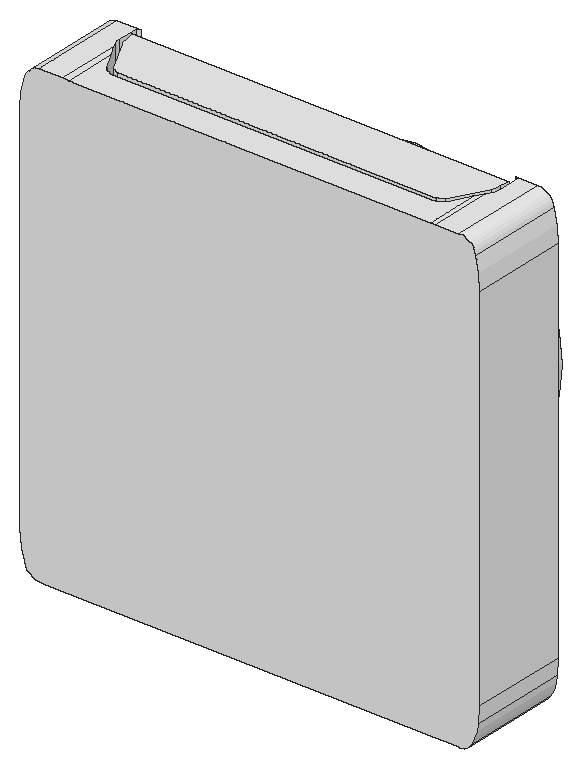
Revit family "Platek_Blend Applique 1 Opening", category Apparecchi per illuminazione, Revit 2017
Family settings
  Quota connettore circolare = Usa diametro
  Tipo di parte = Normale
  Basato su piano di lavoro = No
  Sempre verticale = Sì
  Taglio con vuoti quando caricato = No
  Sorgente d'illuminazione = Sì
  Condiviso = No
  Punto di calcolo locali = No
Parameters (values of type "1610117_10W_LED_3000K")
  Wattage = 4.71247 W
  Part of body = PLK_Part of body
  Variazione temperatura colore lampada con luminosità attenuata = <Nessuno>
  URL = "www.platek.eu"
  built-in parameter 1150107 = 3000 (stored number, unit not read)
  Supply Voltage Min = 220 V
  Supply Voltage Max = 240 V
  Supply Voltage = 230 V
  Rendi la forma visibile nel rendering = no
  Produttore = "PLATEK SRL"  # constant formula
  Product Page URL = "http://www.platek.eu/ita/catalogo.php?catseaname=blend"
  Product Documentation Link = "http://www.platek.eu/ita/catalogo.php?catseaname=blend"
  Product Dimension = "L160mm x L160mm x 71,5mm"
  Power Supply Unit = "Included"
  built-in parameter 1150110 = 1 (stored number, unit not read)
  built-in parameter 1150109 = 1 (stored number, unit not read)
  built-in parameter 1114218 = 1 (stored number, unit not read)
  built-in parameter 1150112 = 1 (stored number, unit not read)
  PLATEK Article Code = "1610117"
  Nota chiave = "Other LED colors available on request"
  Mounting Type = "Wall"
  Modello = "Blend Applique 1Opening"  # constant formula
  built-in parameter 1150137 = (empty or 0)
  built-in parameter 1150132 = 2
  Manufacturer Comment = "1 Opening"
  Luminaire Wattage = 19 W
  Luminaire Luminous Intensity = 1069 cd
  Luminaire Luminous Flux = 700 lm
  Light Source = PLK_Light Source
  Lampada = "LED"
  LED Protection = "Surge protection included"
  built-in parameter 1150105 = 55.704 (stored number, unit not read)
  built-in parameter 1150102 = (empty or 0)
  Insulation Class = "1"
  Immagine tipo = blend_applique_1-2_finestre_1.jpg
  built-in parameter 1150106 = 0.55704 (stored number, unit not read)
  IP Rating = "IP65"
  IK Rating = "IK05"
  Frequency = "50/60 Hz"
  Lumens = 700 lm
  Color Filter = 16777215
  File diagramma fotometrico = "1610117.IES"
  built-in parameter 1114217 = 1 (stored number, unit not read)
  built-in parameter 1150139 = (empty or 0)
  Energy Efficiency Rating = "A/A+/A++"
  Emetti da lunghezza rettangolo = 130.000 mm
  Emetti da larghezza rettangolo = 20.000 mm
  built-in parameter 1150104 = 13.8 (stored number, unit not read)
  built-in parameter 1150115 = 1 (stored number, unit not read)
  built-in parameter 1150114 = 1 (stored number, unit not read)
  built-in parameter 1150113 = 1 (stored number, unit not read)
  Dimmable = "On request"
  Diffuse Type = "PMMA"
  Descrizione = "Outdoor Lighting, Wall mounted"
  Commenti sul tipo = "Facades, Wall"
  Colour Temperature = 3000 K
  built-in parameter 1150134 = (empty or 0)
  built-in parameter 1150138 = (empty or 0)
  Codice assieme = " 1610117.02(White);  1610117.06(Grey);  1610117.01(Black);  1610117.08(Anthracite);  1610117.01(Black);  1610117.07(Corten);  1610117.09(Bronze)"
  Apparent Load = 0 VA
  Cable Lenght = ""
  CRI = ">80"
  Body = PLK_06_Grey
  Tilt Angle = 90.00°
  built-in parameter 1150133 = 10 (stored number, unit not read)
Reference planes
  plane 1 "Centro (Fronte/Retro)": y = 0
  plane 2: z = 0
  plane 3 "Centro (Sinistra/Destra)": x = 0
  plane 4: y = -71.465
  plane 5: y = -37.5
  plane 6: y = -23.609
  plane 7: y = -12
  plane 8: z = 79.96
  plane 9: z = 143.638
  plane 10: z = 159.782
  plane 11: z = 16.144
  plane 12: x = -79.941
  plane 13: x = 79.943
  plane 14: y = -40.485
  plane 15: y = -61.56
  plane 16: y = -51.022
Forms (mm)
  Extrusion 1, solid, material "PLK_06_Grey" <- "Body", detail levels fine
    sketch origin (0, 0, 0) x (1, 0, 0) y (0, 0, 1)
      loop
        line (-62.966, 159.92) -> (-64.982, 159.92) -> (-73.527, 159.92)
        arc (-73.527, 159.92) -> (-76.308, 158.608) -> (-78.083, 156.098) r 6.046
        arc (-78.083, 156.098) -> (-79.473, 150.607) -> (-79.941, 144.962) r 34.309
        line (-79.941, 144.962) -> (-79.941, 14.957)
        arc (-79.941, 14.957) -> (-79.294, 8.651) -> (-77.379, 2.607) r 31.054
        arc (-77.379, 2.607) -> (-74.873, 0.684) -> (-71.788, 0) r 7.299
        line (-71.788, 0) -> (-63.901, 0) -> (-62.966, 0) -> (64.716, 0) -> (71.788, 0)
        arc (71.788, 0) -> (74.706, 0.302) -> (76.976, 2.16) r 5.105
        arc (76.976, 2.16) -> (78.757, 5.732) -> (79.553, 9.644) r 15.291
        line (79.553, 9.644) -> (79.943, 15.227) -> (79.943, 144.366)
        arc (79.943, 144.366) -> (79.569, 149.719) -> (78.453, 154.969) r 38.468
        arc (78.453, 154.969) -> (76.531, 158.509) -> (72.757, 159.92) r 5.752
        line (72.757, 159.92) -> (64.713, 159.92) -> (62.966, 159.92) -> (-62.966, 159.92)
    from 37.5 to 71.465
  Revolve 2, solid, material "PLK_06_Grey" <- "Body", detail levels medium+fine
    sketch origin (0, 0, 0) x (0, 1, 0) y (0, 0, 1)
      loop
        line (0, 131.135) -> (-12, 131.135) -> (-12, 79.96) -> (0, 79.96) -> (0, 131.135)
      axis (-12, 79.96) -> (0, 79.96)
    angle from 0 to 360
  Revolve 3, solid, material "PLK_06_Grey" <- "Body", detail levels medium+fine
    sketch origin (0, 0, 0) x (0, 1, 0) y (0, 0, 1)
      loop
        line (-36.526, 131.595) -> (-13.723, 130.799)
        arc (-13.723, 130.799) -> (-13.467, 130.426) -> (-13.095, 130.17) r 1.239
        line (-13.095, 130.17) -> (-12, 129.404) -> (-12, 79.96) -> (-37.5, 79.96) -> (-37.5, 132.595)
        arc (-37.5, 132.595) -> (-37.264, 131.945) -> (-36.666, 131.6) r 1.01
      axis (-37.5, 79.96) -> (-12, 79.96)
    angle from 0 to 360
  Extrusion 4, void
    sketch origin (0, 0, -40) x (-1, 0, 0) y (0, -1, 0)
      loop
        arc (65.241, 37.5) -> (65.843, 37.662) -> (66.283, 38.102) r 1.203
        line (66.283, 38.102) -> (66.283, 45.405)
        arc (66.283, 45.405) -> (66.093, 46.847) -> (65.537, 48.191) r 5.573
        line (65.537, 48.191) -> (59.215, 59.677)
        arc (59.215, 59.677) -> (57.761, 61.058) -> (55.819, 61.56) r 4.005
        line (55.819, 61.56) -> (-55.816, 61.56)
        arc (-55.816, 61.56) -> (-57.701, 61.21) -> (-59.092, 59.891) r 3.375
        line (-59.092, 59.891) -> (-65.33, 48.55)
        arc (-65.33, 48.55) -> (-66.283, 46.929) -> (-66.412, 45.053) r 4.099
        line (-66.412, 45.053) -> (-66.03, 37.77)
        arc (-66.03, 37.77) -> (-65.673, 37.57) -> (-65.269, 37.5) r 1.209
        line (-65.269, 37.5) -> (65.241, 37.5)
    from 183.638 to 199.92
  Extrusion 5, void
    sketch origin (0, 0, 199.92) x (0, 1, 0) y (-1, 0, 0)
      loop
        arc (-37.5, 65.241) -> (-37.662, 65.843) -> (-38.102, 66.283) r 1.203
        line (-38.102, 66.283) -> (-44.883, 66.283)
        arc (-44.883, 66.283) -> (-46.032, 66.163) -> (-47.132, 65.809) r 5.573
        line (-47.132, 65.809) -> (-59.677, 59.215)
        arc (-59.677, 59.215) -> (-61.058, 57.761) -> (-61.56, 55.819) r 4.005
        line (-61.56, 55.819) -> (-61.56, -55.816)
        arc (-61.56, -55.816) -> (-61.21, -57.701) -> (-59.891, -59.092) r 3.375
        line (-59.891, -59.092) -> (-47.49, -65.33)
        arc (-47.49, -65.33) -> (-46.113, -66.173) -> (-44.516, -66.412) r 4.05
        line (-44.516, -66.412) -> (-37.77, -66.03)
        arc (-37.77, -66.03) -> (-37.57, -65.673) -> (-37.5, -65.269) r 1.209
        line (-37.5, -65.269) -> (-37.5, 65.241)
    from -199.92 to -183.776
  Extrusion 6, solid, material "PLK_06_Grey" <- "Body", detail levels fine
    sketch origin (0, 0, -40) x (-1, 0, 0) y (0, -1, 0)
      loop
        arc (65.864, 40.485) -> (65.244, 42.102) -> (65.033, 43.82) r 7.11
        arc (65.033, 43.82) -> (64.797, 45.347) -> (64.112, 46.731) r 5.058
        line (64.112, 46.731) -> (57.696, 58.38)
        arc (57.696, 58.38) -> (56.751, 59.276) -> (55.49, 59.603) r 2.602
        line (55.49, 59.603) -> (-55.207, 59.603)
        arc (-55.207, 59.603) -> (-56.666, 59.41) -> (-57.751, 58.416) r 2.447
        line (-57.751, 58.416) -> (-64.141, 46.811)
        arc (-64.141, 46.811) -> (-64.719, 45.366) -> (-64.623, 43.812) r 3.543
        line (-64.623, 43.812) -> (-65.269, 40.485) -> (65.864, 40.485)
    from 183.638 to 199.782
  Extrusion 7, solid, material "PLK_Light Source" <- "Light Source", detail levels fine
    sketch origin (0, 0, 199.92) x (0, 1, 0) y (-1, 0, 0)
      loop
        arc (-40.485, 66.191) -> (-42.102, 65.571) -> (-43.82, 65.36) r 7.11
        arc (-43.82, 65.36) -> (-45.654, 65.038) -> (-47.268, 64.112) r 5.385
        line (-47.268, 64.112) -> (-58.38, 57.696)
        arc (-58.38, 57.696) -> (-59.276, 56.751) -> (-59.603, 55.49) r 2.602
        line (-59.603, 55.49) -> (-59.603, -55.207)
        arc (-59.603, -55.207) -> (-59.41, -56.666) -> (-58.416, -57.751) r 2.447
        line (-58.416, -57.751) -> (-47.348, -64.141)
        arc (-47.348, -64.141) -> (-46.136, -64.515) -> (-44.872, -64.623) r 5.942
        line (-44.872, -64.623) -> (-40.485, -65.269) -> (-40.485, 66.191)
    from -199.92 to -183.776
  Extrusion 8, solid, material "PLK_06_Grey" <- "Body", detail levels medium
    sketch origin (0, 0, 0) x (1, 0, 0) y (0, 0, 1)
      loop
        line (-79.941, 159.782) -> (-79.941, 0) -> (79.816, 0) -> (79.816, 159.782) -> (-79.941, 159.782)
    from 37.5 to 71.465
  Extrusion 9, solid, material "PLK_06_Grey" <- "Body", detail levels coarse
    sketch origin (0, 0, 0) x (1, 0, 0) y (0, 0, 1)
      loop
        line (-79.941, 159.782) -> (-79.941, 0) -> (79.943, 0) -> (79.943, 159.782) -> (-79.941, 159.782)
    from 0 to 71.465
Cuts and joins
  Extrusion 4, Extrusion 5 cuts Extrusion 1
Dimensions and locks
  plane 12 to imposter light to plane 13 = 79.941 mm locked, 79.943 mm locked
  equal spacing: plane 14, plane 16, plane 15, locked at 10.537 each
  plane 4 to plane 15 to imposter light to plane 14 to plane 5 to plane 6 to plane 7 to plane 1 "Centro (Fronte/Retro)" = 9.905 mm locked, 10.537 mm locked, 10.537 mm locked, 2.985 mm locked, 13.891 mm locked, 11.609 mm locked, 12.000 mm locked
  aligned and locked: level to plane 2
  aligned and locked: plane 5 to Extrusion 1
  aligned and locked: Extrusion 1 to plane 4
  aligned and locked: cut or joined group of Extrusion 1, Extrusion 4, Extrusion 5 to plane 9
  aligned and locked: plane 11 to cut or joined group of Extrusion 1, Extrusion 4, Extrusion 5
  aligned and locked: plane 10 to Extrusion 6
  aligned and locked: Extrusion 6 to plane 9
  aligned and locked: plane 11 to Extrusion 7
  aligned and locked: Extrusion 7 to plane 2
  aligned and locked: plane 1 "Centro (Fronte/Retro)" to Revolve 2
  aligned and locked: Revolve 2 to plane 7
  aligned and locked: plane 5 to Extrusion 8
  aligned and locked: Extrusion 8 to plane 4
  aligned and locked: imposter light to plane 16
  aligned and locked: Revolve 3 to plane 7
  aligned and locked: Extrusion 8 to level
  aligned and locked: Extrusion 8 to cut or joined group of Extrusion 1, Extrusion 4, Extrusion 5
  aligned and locked: Extrusion 9 sketch curve to Extrusion 8  (x2)
  aligned and locked: plane 2 to Extrusion 9 sketch curve
  aligned and locked: plane 13 to Extrusion 9 sketch curve
  aligned and locked: Extrusion 9 to plane 1 "Centro (Fronte/Retro)"
  aligned and locked: Extrusion 9 to plane 4
  aligned and locked: Extrusion 4 to Extrusion 1
  aligned and locked: Extrusion 5 to level
Automatic sketch dimensions
  plane 12 to Extrusion 1 sketch curve = 0.000 mm
  Extrusion 1 sketch curve to level = 0.000 mm
  plane 13 to Extrusion 1 sketch curve = 0.000 mm
  plane 10 to Extrusion 1 sketch curve = 0.139 mm
  Extrusion 1 sketch curve to plane 12 = 6.413 mm
  Extrusion 1 sketch curve to Extrusion 1 sketch curve = 1.106 mm
  Extrusion 1 sketch curve to plane 12 = 8.153 mm
  Extrusion 1 sketch curve to Extrusion 1 sketch curve = 8.545 mm
  Extrusion 1 sketch curve to Extrusion 1 sketch curve = 7.887 mm
  Extrusion 1 sketch curve to Extrusion 1 sketch curve = 0.935 mm
  Extrusion 1 sketch curve to Extrusion 1 sketch curve = 2.017 mm
  Extrusion 1 sketch curve to plane 11 = 1.187 mm
  Extrusion 1 sketch curve to Extrusion 1 sketch curve = 14.079 mm
  plane 9 to Extrusion 1 sketch curve = 1.324 mm
  Extrusion 1 sketch curve to Extrusion 1 sketch curve = 17.333 mm
  plane 9 to Extrusion 1 sketch curve = 0.728 mm
  Extrusion 1 sketch curve to Extrusion 1 sketch curve = 38.468 mm
  plane 13 to Extrusion 1 sketch curve = 16.978 mm
  Extrusion 1 sketch curve to plane 11 = 5.434 mm
  plane 13 to Extrusion 1 sketch curve = 15.644 mm
  Extrusion 1 sketch curve to Extrusion 1 sketch curve = 1.747 mm
  Extrusion 1 sketch curve to Extrusion 1 sketch curve = 0.417 mm
  Extrusion 1 sketch curve to Extrusion 1 sketch curve = 7.072 mm
  Extrusion 1 sketch curve to Extrusion 1 sketch curve = 0.956 mm
  Extrusion 1 sketch curve to plane 10 = 5.613 mm
  Extrusion 1 sketch curve to Extrusion 1 sketch curve = 8.044 mm
  plane 13 to Extrusion 1 sketch curve = 0.390 mm
  level to Extrusion 1 sketch curve = 5.014 mm
  Extrusion 1 sketch curve to Extrusion 1 sketch curve = 7.299 mm
  Extrusion 1 sketch curve to plane 11 = 6.500 mm
  Extrusion 1 sketch curve to plane 11 = 0.917 mm
  Extrusion 1 sketch curve to Extrusion 1 sketch curve = 5.944 mm
  Revolve 2 sketch curve to plane 8 = 0.000 mm  (x2)
  Revolve 2 sketch curve to plane 7 = 0.000 mm
  Revolve 2 sketch curve to plane 1 "Centro (Fronte/Retro)" = 0.000 mm
  Revolve 2 sketch curve to plane 9 = 12.503 mm
  plane 15 to Revolve 2 sketch curve = 4.720 mm
  Revolve 2 sketch curve to plane 1 "Centro (Fronte/Retro)" = 21.114 mm
  Revolve 3 sketch curve to plane 8 = 0.000 mm  (x2)
  Revolve 3 sketch curve to plane 5 = 0.000 mm
  plane 7 to Revolve 3 sketch curve = 0.000 mm
  plane 5 to Revolve 3 sketch curve = 1.010 mm
  Revolve 3 sketch curve to plane 7 = 1.723 mm
  Revolve 3 sketch curve to Revolve 3 sketch curve = 0.629 mm  (x2)
  Revolve 3 sketch curve to plane 7 = 0.591 mm
  Revolve 3 sketch curve to plane 9 = 14.234 mm
  Revolve 3 sketch curve to Revolve 3 sketch curve = 0.767 mm
  Revolve 3 sketch curve to plane 9 = 11.043 mm
  Revolve 3 sketch curve to plane 4 = 15.000 mm
  plane 5 to Revolve 3 sketch curve = 0.835 mm
  Revolve 3 sketch curve to Revolve 3 sketch curve = 0.139 mm
  Revolve 3 sketch curve to plane 1 "Centro (Fronte/Retro)" = 21.459 mm
  Revolve 3 sketch curve to Revolve 3 sketch curve = 0.005 mm
  Extrusion 4 sketch curve to plane 5 = 0.000 mm
  Extrusion 4 sketch curve to plane 15 = 0.000 mm
  Extrusion 4 sketch curve to plane 14 = 4.568 mm
  plane 13 to Extrusion 4 sketch curve = 13.531 mm
  Extrusion 4 sketch curve to plane 5 = 0.270 mm
  Extrusion 4 sketch curve to Extrusion 4 sketch curve = 0.382 mm
  plane 16 to Extrusion 4 sketch curve = 2.473 mm
  Extrusion 4 sketch curve to Extrusion 4 sketch curve = 1.083 mm
  Extrusion 4 sketch curve to Extrusion 4 sketch curve = 0.761 mm
  Extrusion 4 sketch curve to Extrusion 4 sketch curve = 4.045 mm
  plane 15 to Extrusion 4 sketch curve = 1.669 mm
  Extrusion 4 sketch curve to Extrusion 4 sketch curve = 6.237 mm
  Extrusion 4 sketch curve to Extrusion 4 sketch curve = 2.923 mm
  Extrusion 4 sketch curve to Extrusion 4 sketch curve = 0.353 mm
  Extrusion 4 sketch curve to plane 12 = 24.122 mm
  plane 15 to Extrusion 4 sketch curve = 1.883 mm
  Extrusion 4 sketch curve to Extrusion 4 sketch curve = 3.396 mm
  Extrusion 4 sketch curve to Extrusion 4 sketch curve = 4.891 mm
  Extrusion 4 sketch curve to plane 5 = 1.203 mm
  Extrusion 4 sketch curve to Extrusion 4 sketch curve = 4.531 mm
  plane 16 to Extrusion 4 sketch curve = 2.831 mm
  Extrusion 4 sketch curve to Extrusion 4 sketch curve = 4.826 mm
  Extrusion 4 sketch curve to plane 5 = 0.602 mm
  Extrusion 5 sketch curve to plane 15 = 0.000 mm
  Extrusion 5 sketch curve to plane 5 = 0.000 mm
  plane 15 to Extrusion 5 sketch curve = 1.669 mm
  plane 15 to Extrusion 5 sketch curve = 1.883 mm
  plane 15 to Extrusion 5 sketch curve = 3.357 mm
  plane 15 to Extrusion 5 sketch curve = 4.005 mm
  plane 16 to Extrusion 5 sketch curve = 3.532 mm
  plane 16 to Extrusion 5 sketch curve = 3.891 mm
  Extrusion 5 sketch curve to Extrusion 5 sketch curve = 2.762 mm
  Extrusion 5 sketch curve to Extrusion 5 sketch curve = 2.974 mm
  Extrusion 5 sketch curve to plane 14 = 4.397 mm
  Extrusion 5 sketch curve to Extrusion 5 sketch curve = 1.209 mm
  Extrusion 5 sketch curve to Extrusion 5 sketch curve = 1.203 mm
  Extrusion 5 sketch curve to plane 5 = 0.602 mm
  Extrusion 5 sketch curve to plane 5 = 0.270 mm
  plane 13 to Extrusion 5 sketch curve = 13.531 mm
  Extrusion 5 sketch curve to Extrusion 5 sketch curve = 0.382 mm
  Extrusion 5 sketch curve to Extrusion 5 sketch curve = 1.083 mm
  Extrusion 5 sketch curve to Extrusion 5 sketch curve = 6.237 mm
  Extrusion 5 sketch curve to Extrusion 5 sketch curve = 2.923 mm
  Extrusion 5 sketch curve to plane 12 = 24.122 mm
  Extrusion 5 sketch curve to Extrusion 5 sketch curve = 4.891 mm
  Extrusion 5 sketch curve to Extrusion 5 sketch curve = 4.531 mm
  Extrusion 6 sketch curve to plane 14 = 0.000 mm
  plane 13 to Extrusion 6 sketch curve = 14.674 mm
  Extrusion 6 sketch curve to plane 14 = 3.327 mm
  Extrusion 6 sketch curve to Extrusion 6 sketch curve = 0.647 mm
  plane 16 to Extrusion 6 sketch curve = 4.212 mm
  Extrusion 6 sketch curve to Extrusion 6 sketch curve = 0.481 mm
  Extrusion 6 sketch curve to plane 14 = 4.319 mm
  plane 15 to Extrusion 6 sketch curve = 3.144 mm
  Extrusion 6 sketch curve to Extrusion 6 sketch curve = 6.390 mm
  Extrusion 6 sketch curve to Extrusion 6 sketch curve = 2.119 mm
  Extrusion 6 sketch curve to Extrusion 6 sketch curve = 0.425 mm
  plane 15 to Extrusion 6 sketch curve = 1.957 mm
  Extrusion 6 sketch curve to plane 12 = 24.451 mm
  plane 15 to Extrusion 6 sketch curve = 3.180 mm
  Extrusion 6 sketch curve to Extrusion 6 sketch curve = 2.206 mm
  Extrusion 6 sketch curve to plane 14 = 3.335 mm
  Extrusion 6 sketch curve to Extrusion 6 sketch curve = 4.484 mm
  plane 16 to Extrusion 6 sketch curve = 4.291 mm
  Extrusion 6 sketch curve to Extrusion 6 sketch curve = 4.137 mm
  Extrusion 6 sketch curve to Extrusion 6 sketch curve = 0.831 mm
  Extrusion 6 sketch curve to Extrusion 6 sketch curve = 6.280 mm
  Extrusion 7 sketch curve to plane 14 = 0.000 mm
  Extrusion 7 sketch curve to plane 14 = 3.335 mm
  Extrusion 7 sketch curve to plane 14 = 4.387 mm
  Extrusion 7 sketch curve to plane 14 = 4.517 mm
  Extrusion 7 sketch curve to Extrusion 7 sketch curve = 3.448 mm
  Extrusion 7 sketch curve to Extrusion 7 sketch curve = 2.476 mm
  plane 15 to Extrusion 7 sketch curve = 4.559 mm
  plane 15 to Extrusion 7 sketch curve = 4.367 mm
  Extrusion 7 sketch curve to Extrusion 7 sketch curve = 1.379 mm
  Extrusion 7 sketch curve to Extrusion 7 sketch curve = 1.224 mm
  plane 15 to Extrusion 7 sketch curve = 1.957 mm
  plane 13 to Extrusion 7 sketch curve = 14.674 mm
  Extrusion 7 sketch curve to Extrusion 7 sketch curve = 0.647 mm
  Extrusion 7 sketch curve to Extrusion 7 sketch curve = 0.481 mm
  Extrusion 7 sketch curve to Extrusion 7 sketch curve = 6.390 mm
  Extrusion 7 sketch curve to Extrusion 7 sketch curve = 2.119 mm
  Extrusion 7 sketch curve to plane 12 = 24.451 mm
  Extrusion 7 sketch curve to Extrusion 7 sketch curve = 4.484 mm
  Extrusion 7 sketch curve to Extrusion 7 sketch curve = 4.137 mm
  Extrusion 7 sketch curve to Extrusion 7 sketch curve = 0.831 mm
  Extrusion 7 sketch curve to Extrusion 7 sketch curve = 6.280 mm
  level to Extrusion 8 sketch curve = 0.000 mm
  plane 12 to Extrusion 8 sketch curve = 0.000 mm
  plane 13 to Extrusion 8 sketch curve = 0.127 mm
  Extrusion 8 sketch curve to plane 10 = 0.000 mm
Connectors
  electrical at (0.001, 0, 79.891)
    settings: on Extrusion 9, index 1, voltage 0 V, apparent load 0 VA, apparent load phase1 0 VA, apparent load phase2 0 VA, apparent load phase3 0 VA, power factor 1, load classification "Altro", number of poles 1, system type 31, power factor state 1, is connector primary yes, connector utility no, sub classification motor no, connector description ""
